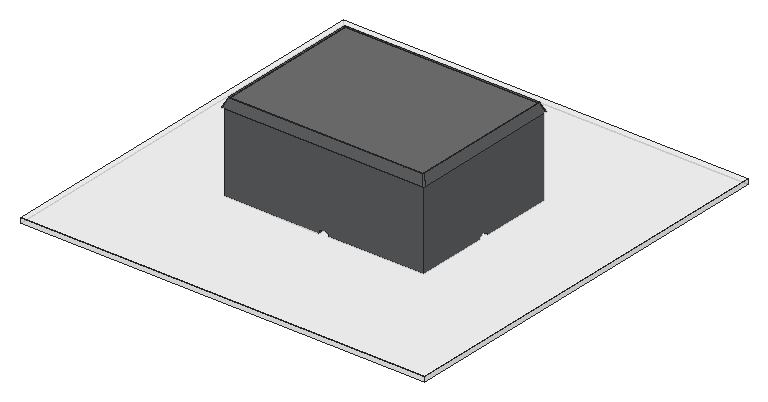
Revit family "BS-678BSB", category Communication Devices, host Face, Revit 2016
Family settings
  Host = Face
  Maintain Annotation Orientation = No
  Part Type = Normal
  Round Connector Dimension = Use Diameter
  OmniClass Number = 23.85.10.11.14
  OmniClass Title = Audio Equipment
  Cut with Voids When Loaded = Yes
  Shared = No
  Room Calculation Point = No
Parameters (values of type "BS-678BSB")
  Weight = "1.7 kg (3.75 lb)"
  URL = "http://toa.com.sg"
  Speaker Mounting Method = "Wall-mount"
  Speaker Component = "16 cm (6\") cone-type"
  Sensitivity = "94 dB (1 W, 1 m) (500 – 5,000 Hz, pink noise) 92 dB (1 W, 1 m) (100 – 10,000 Hz, pink noise) 80 dB (1 W, 4 m) (100 – 10,000 Hz, pink noise)"
  Rated Noise Power = "6 W (100 V line), 3 W (70 V line)"
  Operating Temperature = "-10° C to +50° C (14° F to 122° F)"
  Model Type = "WALL MOUNT SPEAKERS"
  Mesh = Black Mesh
  Frequency Response = "150 – 18,000 Hz"
  Maximum Sound Pressure Level = "98 dB (6 W, 1 m) (100 – 10,000 Hz, pink noise), 86 dB (6 W, 4 m) (100 – 10,000 Hz, pink noise)"
  Rated Impedance = "100 V line:1.7k Ω (6 W), 3.3k Ω (3 W), 6.7k Ω (1.5 W), 13k Ω (0.8 W), 70 V line: 1.7k Ω (3 W), 3.3k Ω (1.5 W), 6.7k Ω (0.8 W), 13k Ω (0.4W)"
  Model By = "BIMLIFE PTE LTD"  # constant formula
  Model = "BS-678BSB"
  Manufacturer = "TOA Electronics Pte Ltd"  # constant formula
  Supplier Tel = "+65 6835 9119"  # constant formula
  Supplier Fax = "+65 6835 9559"  # constant formula
  Supplier Address = "491B River Valley Road, #19-03/04 Valley Point Office Tower, Singapore 248373"  # constant formula
  Supplier = "TOA Electronics Pte Ltd"  # constant formula
  Suppiler Email = "http://toa.com.sg"  # constant formula
  Material = Black
  Finish = "Baffle: HIPS resin, black (RAL 9011 or equivalent colour) Cabinet: Particle board with pvc sheet, black (RAL 9011 or equivalent colour) Grille: Surface-treated steel plate net, black (RAL 9011 or equivalent colour), paint"
  Environmental Type = "A (indoor applications)"
  Dimension = "250 (W) × 190 (H) × 110 (D) mm"
  Default Elevation = 0 mm
  Coverage Angle = "Horizontal: 360° (500 Hz), 135° (1,000 Hz), 130° (2,000 Hz), 70° (4,000 Hz) Vertical: 330° (500 Hz), 160° (1,000 Hz), 135° (2,000 Hz), 70° (4,000 Hz)"
  Copyright To = "TOA Electronics Pte Ltd"  # constant formula
  Connection = "Screw connector (steatite terminal × 2) bridging"
  Applicable Cable = "Conductor: Solid wire or 7-core wire, 0.8 – 7 mm² (AWG 18 – AWG 9) for solid wire, 0.8 – 4 mm² (AWG 18 – AWG 11) for 7-core wire"
Types (2, lengths in mm): name | Mesh | Material | Finish | Applicable Cable
  BS-678BSB | Black Mesh | Black | "Baffle: HIPS resin, black (RAL 9011 or equivalent colour) Cabinet: Particle board with pvc sheet, black (RAL 9011 or equivalent colour) Grille: Surface-treated steel plate net, black (RAL 9011 or equivalent colour), paint" | "Conductor: Solid wire or 7-core wire, 0.8 – 7 mm² (AWG 18 – AWG 9) for solid wire, 0.8 – 4 mm² (AWG 18 – AWG 11) for 7-core wire"
  BS-678BSW | White Mesh | OFF-WHITE | "Baffle: HIPS resin, white (RAL 9010 or equivalent colour) Cabinet: Particle board with pvc sheet, white (RAL 9010 or equivalent colour) Grille: Surface-treated steel plate net, white (RAL 9010 or equivalent colour), paint" | "Conductor: Solid wire or 7-core wire, 0.8 – 7 mm2 (AWG 18 – AWG 9) for solid wire, 0.8 – 4 mm2 (AWG 18 – AWG 11) for 7-core wire"
Reference planes
  plane 1 "Center (Front/Back)": y = 0
  plane 2: z = 0
  plane 3 "Center (Left/Right)": x = 0
Forms (mm)
  Extrusion 1, solid, material "Surface"
    sketch origin (1.238, -13.929, 0) x (1, 0, 0) y (0, 1, 0)
      loop
        line (-251.238, 263.929) -> (-251.238, -236.071) -> (248.762, -236.071) -> (248.762, 263.929) -> (-251.238, 263.929)
    from 0 to -6.497
  Extrusion 2, solid, material "Black" <- "Material"
    sketch origin (0, 0, 0) x (1, 0, 0) y (0, 1, 0)
      loop
        line (-123, 93) -> (-123, -93) -> (123, -93) -> (123, 93) -> (-123, 93)
    from 0 to 98.5
  Blend 3, solid, material "Black" <- "Material"
    base sketch origin (0, 0, 98.5) x (1, 0, 0) y (0, 1, 0)
      loop
        line (-124, -95) -> (124, -95)
        arc (124, -95) -> (124.707, -94.707) -> (125, -94) r 1
        line (125, -94) -> (125, 94)
        arc (125, 94) -> (124.707, 94.707) -> (124, 95) r 1
        line (124, 95) -> (-124, 95)
        arc (-124, 95) -> (-124.707, 94.707) -> (-125, 94) r 1
        line (-125, 94) -> (-125, -94)
        arc (-125, -94) -> (-124.707, -94.707) -> (-124, -95) r 1
    top sketch origin (0, 0, 98.5) x (1, 0, 0) y (0, 1, 0)
      loop
        arc (-119.605, 90.605) -> (-120.312, 90.312) -> (-120.605, 89.605) r 1
        line (-120.605, 89.605) -> (-120.605, -89.605)
        arc (-120.605, -89.605) -> (-120.312, -90.312) -> (-119.605, -90.605) r 1
        line (-119.605, -90.605) -> (119.605, -90.605)
        arc (119.605, -90.605) -> (120.312, -90.312) -> (120.605, -89.605) r 1
        line (120.605, -89.605) -> (120.605, 89.605)
        arc (120.605, 89.605) -> (120.312, 90.312) -> (119.605, 90.605) r 1
        line (119.605, 90.605) -> (-119.605, 90.605)
    from 0 to 10.5
  Extrusion 4, solid, material "Black Mesh" <- "Mesh"
    sketch origin (0, 0, 109) x (1, 0, 0) y (0, 1, 0)
      loop
        line (-119.75, 89.75) -> (-119.75, -89.75) -> (119.75, -89.75) -> (119.75, 89.75) -> (-119.75, 89.75)
    from -1 to 0
  Extrusion 5, void
    sketch origin (0, 0, 109) x (0, 1, 0) y (1, 0, 0)
      loop
        line (89.75, 119.75) -> (-89.75, 119.75) -> (-89.75, -119.75) -> (89.75, -119.75) -> (89.75, 119.75)
    from 0 to 1
  Extrusion 6, void
    sketch origin (82, -93, 0) x (1, 0, 0) y (0, 0, -1)
      loop
        spline (-88, 0) -> (-87.796, -1.294) -> (-87.196, -2.5) -> (-86.243, -3.536) -> (-85, -4.33) -> (-83.553, -4.83) -> (-82, -5) -> (-80.447, -4.83) -> (-79, -4.33) -> (-77.757, -3.536) -> (-76.804, -2.5) -> (-76.204, -1.294) -> (-76, 0)
        spline (-76, 0) -> (-76.204, 1.294) -> (-76.804, 2.5) -> (-77.757, 3.536) -> (-79, 4.33) -> (-80.447, 4.83) -> (-82, 5) -> (-83.553, 4.83) -> (-85, 4.33) -> (-86.243, 3.536) -> (-87.196, 2.5) -> (-87.796, 1.294) -> (-88, 0)
    from 0 to 186
  Extrusion 7, void
    sketch origin (123, 93, 0) x (0, 1, 0) y (0, 0, -1)
      loop
        spline (-99, 0) -> (-98.796, -1.294) -> (-98.196, -2.5) -> (-97.243, -3.536) -> (-96, -4.33) -> (-94.553, -4.83) -> (-93, -5) -> (-91.447, -4.83) -> (-90, -4.33) -> (-88.757, -3.536) -> (-87.804, -2.5) -> (-87.204, -1.294) -> (-87, 0)
        spline (-87, 0) -> (-87.204, 1.294) -> (-87.804, 2.5) -> (-88.757, 3.536) -> (-90, 4.33) -> (-91.447, 4.83) -> (-93, 5) -> (-94.553, 4.83) -> (-96, 4.33) -> (-97.243, 3.536) -> (-98.196, 2.5) -> (-98.796, 1.294) -> (-99, 0)
    from 0 to 246
  Extrusion 8, solid, material "Black" <- "Material", not visible
    sketch origin (0, 0, 0) x (1, 0, 0) y (0, 1, 0)
      loop
        line (-123, 93) -> (-123, -93) -> (123, -93) -> (123, 93) -> (-123, 93)
    from 0 to 98.5
  Blend 9, solid, material "Black" <- "Material", not visible
    base sketch origin (0, 0, 98.5) x (1, 0, 0) y (0, 1, 0)
      loop
        line (-124, -95) -> (124, -95)
        arc (124, -95) -> (124.707, -94.707) -> (125, -94) r 1
        line (125, -94) -> (125, 94)
        arc (125, 94) -> (124.707, 94.707) -> (124, 95) r 1
        line (124, 95) -> (-124, 95)
        arc (-124, 95) -> (-124.707, 94.707) -> (-125, 94) r 1
        line (-125, 94) -> (-125, -94)
        arc (-125, -94) -> (-124.707, -94.707) -> (-124, -95) r 1
    top sketch origin (0, 0, 98.5) x (1, 0, 0) y (0, 1, 0)
      loop
        arc (-119.605, 90.605) -> (-120.312, 90.312) -> (-120.605, 89.605) r 1
        line (-120.605, 89.605) -> (-120.605, -89.605)
        arc (-120.605, -89.605) -> (-120.312, -90.312) -> (-119.605, -90.605) r 1
        line (-119.605, -90.605) -> (119.605, -90.605)
        arc (119.605, -90.605) -> (120.312, -90.312) -> (120.605, -89.605) r 1
        line (120.605, -89.605) -> (120.605, 89.605)
        arc (120.605, 89.605) -> (120.312, 90.312) -> (119.605, 90.605) r 1
        line (119.605, 90.605) -> (-119.605, 90.605)
    from 0 to 10.5
  Extrusion 10, solid, material "Black Mesh" <- "Mesh", not visible
    sketch origin (0, 0, 109) x (1, 0, 0) y (0, 1, 0)
      loop
        line (-119.75, 89.75) -> (-119.75, -89.75) -> (119.75, -89.75) -> (119.75, 89.75) -> (-119.75, 89.75)
    from -1 to 0
  Extrusion 11, void, not visible
    sketch origin (0, 0, 109) x (0, 1, 0) y (1, 0, 0)
      loop
        line (89.75, 119.75) -> (-89.75, 119.75) -> (-89.75, -119.75) -> (89.75, -119.75) -> (89.75, 119.75)
    from 0 to 1
  Extrusion 12, void, not visible
    sketch origin (82, -93, 0) x (1, 0, 0) y (0, 0, -1)
      loop
        spline (-88, 0) -> (-87.796, -1.294) -> (-87.196, -2.5) -> (-86.243, -3.536) -> (-85, -4.33) -> (-83.553, -4.83) -> (-82, -5) -> (-80.447, -4.83) -> (-79, -4.33) -> (-77.757, -3.536) -> (-76.804, -2.5) -> (-76.204, -1.294) -> (-76, 0)
        spline (-76, 0) -> (-76.204, 1.294) -> (-76.804, 2.5) -> (-77.757, 3.536) -> (-79, 4.33) -> (-80.447, 4.83) -> (-82, 5) -> (-83.553, 4.83) -> (-85, 4.33) -> (-86.243, 3.536) -> (-87.196, 2.5) -> (-87.796, 1.294) -> (-88, 0)
    from 0 to 186
  Extrusion 13, void, not visible
    sketch origin (123, 93, 0) x (0, 1, 0) y (0, 0, -1)
      loop
        spline (-99, 0) -> (-98.796, -1.294) -> (-98.196, -2.5) -> (-97.243, -3.536) -> (-96, -4.33) -> (-94.553, -4.83) -> (-93, -5) -> (-91.447, -4.83) -> (-90, -4.33) -> (-88.757, -3.536) -> (-87.804, -2.5) -> (-87.204, -1.294) -> (-87, 0)
        spline (-87, 0) -> (-87.204, 1.294) -> (-87.804, 2.5) -> (-88.757, 3.536) -> (-90, 4.33) -> (-91.447, 4.83) -> (-93, 5) -> (-94.553, 4.83) -> (-96, 4.33) -> (-97.243, 3.536) -> (-98.196, 2.5) -> (-98.796, 1.294) -> (-99, 0)
    from 0 to 246
Cuts and joins
  Extrusion 5, Extrusion 6, Extrusion 7 cuts Extrusion 2
  Extrusion 5 cuts Blend 3
Dimensions and locks
  aligned and locked: plane 2 to Extrusion 1
  aligned and locked: level to Extrusion 1
  aligned and locked: plane 3 "Center (Left/Right)" to cut or joined group of Extrusion 2, Extrusion 5, Extrusion 6, Extrusion 7
